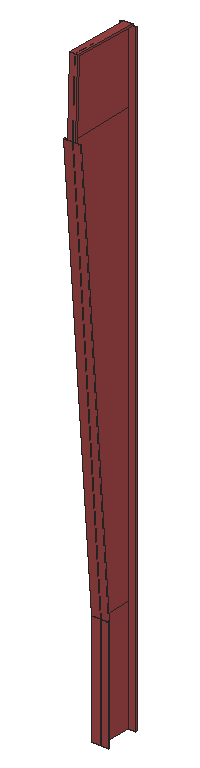
Revit family "MB_Frame_Vertical", category Structural Columns, Revit 2019
Family settings
  Section Shape = Not Defined
  Material for Model Behavior = Other
  Always export as geometry = No
  Beam cutback in plan = From bounding box
  Cut with Voids When Loaded = No
  Symbolic Representation = From Family
  Shared = No
  Show family pre-cut in plan views = Yes
Parameters (values of type "MB Frame Vertical V2")
  Web Thickness [instance] = 0' - 0 1/2"
  Structural Material = BHE_Steel
  Interior Flange Thickness [instance] = 0' - 0 1/2"
  Flange Width [instance] = 1' - 0"
  Exterior Flange Thickness [instance] = 0' - 0 1/2"
  Eave Height [instance] = 4' - 8 5/128"
  Depth at Clear Height [instance] = 4' - 4"
  Clear Height [instance] = 34' - 3 123/128"
  Cap Plate Thickness [instance] = 0' - 0 1/2"
  Cap Plate Angle [instance] = 14.04°
  Base Height [instance] = 7' - 0"
  Base Depth [instance] = 2' - 2"
  Assembly Code = ""
Reference planes (in)
  plane 1 "Center (Front/Back)": y = 0
  plane 2: z = 0
  plane 3 "Center (Left/Right)": x = 0
  plane 4 "Left": x = -6
  plane 5 "Right": x = 6
  plane 6 "Back": y = 13
  plane 7 "Front": y = -13
  plane 8: y = 12.5
  plane 9: y = -12.5
  plane 10: x = -0.25
  plane 11: x = 0.25
  plane 12: z = 84
  plane 13: z = 411.96094
  plane 14: z = 468
  plane 15: y = -39
  plane 16: y = -38.5
Forms (in)
  Extrusion 1, solid, material "BHE_Steel" <- "Structural Material"
    sketch origin (0, 0, 0) x (1, 0, 0) y (0, 1, 0)
      loop
        line (0.25, 12.5) -> (-0.25, 12.5) -> (-0.25, -12.5) -> (-6, -12.5) -> (-6, -13) -> (6, -13) -> (6, -12.5) -> (0.25, -12.5) -> (0.25, 12.5)
    from 0 to 84
  Blend 2, solid, material "BHE_Steel" <- "Structural Material"
    base sketch origin (0, 0, 0) x (1, 0, 0) y (0, 1, 0)
      loop
        line (-0.25, 12.5) -> (-0.25, -12.5) -> (-6, -12.5) -> (-6, -13) -> (6, -13) -> (6, -12.5) -> (0.25, -12.5) -> (0.25, 12.5) -> (-0.25, 12.5)
    top sketch origin (0, 0, 0) x (1, 0, 0) y (0, 1, 0)
      loop
        line (-0.25, 12.5) -> (-0.25, -38.5) -> (-6, -38.5) -> (-6, -39) -> (6, -39) -> (6, -38.5) -> (0.25, -38.5) -> (0.25, 12.5) -> (-0.25, 12.5)
    from 84 to 411.96094
  Extrusion 3, solid, material "BHE_Steel" <- "Structural Material"
    sketch origin (0, 0, 0) x (0, 1, 0) y (0, 0, 1)
      loop
        line (13, 467.4846) -> (12.5, 467.60964) -> (12.5, 0) -> (13, 0) -> (13, 467.4846)
    from -6 to 6
  Extrusion 4, solid, material "BHE_Steel" <- "Structural Material"
    sketch origin (0, 0, 0) x (0, 1, 0) y (0, 0, 1)
      loop
        line (12.5, 411.96094) -> (12.5, 467.16061) -> (-36.51262, 468.87217) -> (-38.5, 411.96094) -> (12.5, 411.96094)
    from -0.25 to 0.25
  Extrusion 5, solid, material "BHE_Steel" <- "Structural Material"
    sketch origin (0, 0, 0) x (0, 1, 0) y (0, 0, 1)
      loop
        line (13, 468) -> (-37.13624, 469.7508) -> (-39.1543, 411.96094) -> (-38.5, 411.96094) -> (-36.51262, 468.87217) -> (13, 467.14315) -> (13, 468)
    from -3.25919 to 2.98759
Dimensions and locks (in)
  equal spacing: plane 4 "Left", plane 3 "Center (Left/Right)", plane 5 "Right"
  equal spacing: plane 7 "Front", plane 1 "Center (Front/Back)", plane 6 "Back"
  equal spacing: plane 10, plane 3 "Center (Left/Right)", plane 11
  "Web Thickness": plane 10 to plane 11
  "Exterior Flange Thickness": plane 8 to plane 6 "Back"
  "Interior Flange Thickness": plane 7 "Front" to plane 9
  "Base Depth": plane 7 "Front" to plane 6 "Back"
  "Flange Width": plane 4 "Left" to plane 5 "Right"
  "Base Height": plane 12 to level
  "Clear Height": plane 13 to level
  "Eave Height": plane 14 to plane 13
  "Interior Flange Thickness": plane 15 to plane 16
  "Depth at Clear Height": plane 15 to plane 6 "Back"
  aligned and locked: plane 8 to Extrusion 1 sketch curve
  aligned and locked: Extrusion 1 sketch curve to plane 11
  aligned and locked: Extrusion 1 sketch curve to plane 10
  aligned and locked: plane 9 to Extrusion 1 sketch curve
  aligned and locked: Extrusion 1 sketch curve to plane 7 "Front"
  aligned and locked: plane 5 "Right" to Extrusion 1 sketch curve
  aligned and locked: Extrusion 1 sketch curve to plane 4 "Left"
  aligned and locked: plane 12 to Extrusion 1
  aligned and locked: Extrusion 1 to level
  aligned and locked: Blend 2 sketch curve to plane 8  (x2)
  aligned and locked: plane 11 to Blend 2 sketch curve
  aligned and locked: plane 10 to Blend 2 sketch curve  (x2)
  aligned and locked: Blend 2 sketch curve to plane 9  (x2)
  aligned and locked: plane 7 "Front" to Blend 2 sketch curve
  aligned and locked: Blend 2 sketch curve to plane 5 "Right"  (x2)
  aligned and locked: plane 4 "Left" to Blend 2 sketch curve  (x2)
  aligned and locked: Blend 2 sketch curve to plane 11
  aligned and locked: plane 15 to Blend 2 sketch curve
  aligned and locked: Blend 2 sketch curve to plane 16  (x2)
  aligned and locked: plane 13 to Blend 2
  aligned and locked: Blend 2 to plane 12
  aligned and locked: plane 6 "Back" to Extrusion 3 sketch curve
  aligned and locked: plane 8 to Extrusion 3 sketch curve
  aligned and locked: level to Extrusion 3 sketch curve
  aligned and locked: plane 4 "Left" to Extrusion 3
  aligned and locked: Extrusion 3 to plane 5 "Right"
  aligned and locked: plane 13 to Extrusion 4 sketch curve
  aligned and locked: plane 8 to Extrusion 4 sketch curve
  aligned and locked: Extrusion 4 to plane 10
  aligned and locked: plane 11 to Extrusion 4
  aligned and locked: plane 6 "Back" to Extrusion 5 sketch curve
  aligned and locked: plane 13 to Extrusion 5 sketch curve
Automatic sketch dimensions
  Extrusion 1 sketch curve to plane 9 = 0' - 0"
  Extrusion 3 sketch curve to plane 14 = 0' - 0.5154"
  Extrusion 3 sketch curve to plane 14 = 0' - 0.39036"
  Extrusion 4 sketch curve to plane 14 = 0' - 0.83939"
  Extrusion 5 sketch curve to plane 16 = 0' - 0"
  Extrusion 5 sketch curve to plane 14 = 0' - 0"
  plane 15 to Extrusion 5 sketch curve = 0' - 0.1543"
  Extrusion 5 sketch curve to Extrusion 5 sketch curve = 0' - 0.85685"
  plane 14 to Extrusion 5 sketch curve = 0' - 0.87217"
  Extrusion 5 sketch curve to Extrusion 5 sketch curve = 0' - 0.62362"
  Extrusion 4 sketch curve to plane 16 = 0' - 0"
  plane 14 to Extrusion 4 sketch curve = 0' - 0.87217"
